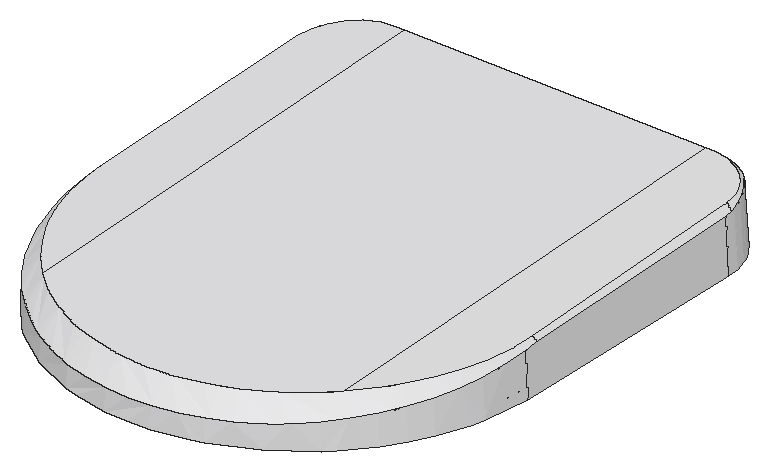
Revit family "Toilet_Seat-Round_Closed_Front-KOHLER-Span-K-29170IN", category Specialty Equipment, host Face, Revit 2021
Family settings
  Host = Face
  Round Connector Dimension = Use Diameter
  Part Type = Normal
  OmniClass Number = 23.31.19.19.17
  OmniClass Title = Water Closet Seats
  Cut with Voids When Loaded = No
  Shared = No
  Room Calculation Point = No
Parameters (values of type "0-White")
  Width = 14 21/32"  # constant formula
  WaterSense Certified = 1 = 0  # no
  URL = "https://www.kohler.co.in/"
  Type = 1
  Product Page URL = "https://www.kohler.co.in/product-detail/29170in?skuid=K-29170IN-0"
  Product Name = "Span"  # constant formula
  Product Documentation Link = ""
  Model = if(Type = 1, "K-29170IN-0", "NA")  # "K-29170IN-0"
  Material = "Plastic"  # constant formula
  Master Format 2014 Name = "Toilet, Bath, and Laundry Accessories"  # constant formula
  Master Format 2014 = "10 28 00"  # constant formula
  Manufacturer Address = "Ambience Office Tower NH-8 Gurgaon / Gurugram Haryana , 122001"  # constant formula
  Manufacturer = "Kohler Co."  # constant formula
  Length = 17 235/256"  # constant formula
  Height = 2 23/128"  # constant formula
  Finish = Kohler-Plastic-0-White
  Environmental Product Declaration = ""
  Description = "Round Quiet Close Toilet Seat"  # constant formula
  Default Elevation = 15"
  Declare Label = ""
  Date Modified = "12/14/2022"  # constant formula
  Date Created = "12/14/2022"  # constant formula
  Copyright = "Copyright Kohler Co."  # constant formula
  Contact Us = "https://www.kohler.co.in/contact-us"
  Assembly Code = "C1030200"
  ADA Compliant = 1 = 0  # no
Reference planes (in)
  plane 1 "Center (Front/Back)": y = 0
  plane 2: z = 0
  plane 3 "Center (Left/Right)": x = 0
  plane 4: y = 0.6633
  plane 5: z = 2.17969
  plane 6: y = -17.25467
  plane 7: z = 0.8622
  plane 8: x = -7.32874
  plane 9: x = 7.32751
  plane 10: z = 0.22671
  plane 11: z = 0.3143
  plane 12: z = 1.47558
  plane 13: x = 7.03346
  plane 14: x = -7.03346
  plane 15: y = -14.34579
  plane 16: y = -16.27728
Dimensions and locks (in)
  "Width": plane 8 to plane 9
  "Length": plane 6 to plane 4
  "Height": level to plane 5
  plane 4 to plane 6 = 17 235/256"
  level to plane 12 = 1.47558"  (x2)
  level to plane 5 = 2 23/128"
  plane 9 to plane 8 = 14 21/32"
  plane 8 to plane 9 = 14 21/32"
  plane 5 to level = 2 23/128"
  plane 12 to level = 1.47558"
  plane 16 to plane 4 = 16.94058"
  locked: plane 14 to plane 13 at 14.06693
  aligned and locked: plane 2 to host face
  aligned and locked: level to host face
Automatic sketch dimensions
  host sketch curve to host sketch curve = 96"  (x2)
Nested families (in)
  nested 1: "29170IN" at (0, 0, 0), type "29170IN"
Definition of nested family "29170IN"
  Parameters (values of type "29170IN")
    Material = none
    Default Elevation = 0"
  Reference planes (in)
    plane 1 "Center (Front/Back)": y = 0
    plane 2: z = 0
    plane 3 "Center (Left/Right)": x = 0
    plane 4: x = 7.32874
    plane 5: x = -7.32874
    plane 6: y = -17.25402
    plane 7: y = 0.6633
    plane 8: x = 4.4252
    plane 9: x = -4.4252
    plane 10: y = -14.34579
    plane 11: y = -3.3143
    plane 12: x = 7.03346
    plane 13: x = -7.03346
    plane 14: x = -2.85433
    plane 15: x = 2.85433
    plane 16: x = 2.29331
    plane 17: x = -2.29331
    plane 18: z = 2.1811
    plane 19: z = 0.8622
    plane 20 "A": through (0, 0.46645, 2.1811) normal (0, -0.042, 0.9991)
  Forms (in)
    Sweep 1, solid, material <- "Material", detail levels medium+fine
      path origin (0, -8.22861, 0.04316) x (1, 0, 0) y (0, 1, 0)
        loop
          arc (-7.03362, -1.62856) -> (-0.00007, -8.66211) -> (7.03348, -1.62856) r 7.03355
          line (7.03348, -1.62856) -> (7.03348, 5.20897)
          arc (7.03348, 5.20897) -> (6.34161, 6.8793) -> (4.67128, 7.57118) r 2.3622
          line (4.67128, 7.57118) -> (-4.67142, 7.57118)
          arc (-4.67142, 7.57118) -> (-6.34175, 6.8793) -> (-7.03362, 5.20897) r 2.3622
          line (-7.03362, 5.20897) -> (-7.03362, -1.62856)
      profile origin (-0.00007, -16.89072, 0.04316) x (0, -1, 0) y (0, 0, 1)
        loop
          line (-0.13694, 0.15748) -> (-0.08047, 0.15748)
          arc (-0.08047, 0.15748) -> (-0.03175, 0.17615) -> (-0.00798, 0.22258) r 0.0729
          arc (-0.00798, 0.22258) -> (-0.14316, 0.64128) -> (-0.54499, 0.82049) r 0.54011
          line (-0.54499, 0.82049) -> (-1.40822, 0.82049) -> (-1.40822, 0.61683) -> (-1.37604, 0.61683)
          arc (-1.37604, 0.61683) -> (-1.01536, 0.62391) -> (-0.65524, 0.64513) r 9.19348
          arc (-0.65524, 0.64513) -> (-0.35053, 0.53909) -> (-0.22219, 0.24309) r 0.40157
          arc (-0.22219, 0.24309) -> (-0.19735, 0.18258) -> (-0.13694, 0.15748) r 0.08525
    Sweep 2, solid, material <- "Material", detail levels medium+fine
      path origin (0, -8.22861, 0.04316) x (1, 0, 0) y (0, 1, 0)
        loop
          arc (-4.5625, -1.62396) -> (0, -6.18646) -> (4.5625, -1.62396) r 4.5625
          line (4.5625, -1.62396) -> (4.5625, 0.56051)
          arc (4.5625, 0.56051) -> (0, 5.12301) -> (-4.5625, 0.56051) r 4.5625
          line (-4.5625, 0.56051) -> (-4.5625, -1.62396)
      profile origin (0, -14.41507, 0.04316) x (0, -1, 0) y (0, 0, 1)
        loop
          line (0.99016, 0.61683) -> (0.99016, 0.82049) -> (0.90909, 0.82049)
          arc (0.90909, 0.82049) -> (0.62165, 0.79993) -> (0.34006, 0.73866) r 2.01945
          arc (0.34006, 0.73866) -> (0.10969, 0.61734) -> (-0.0556, 0.41617) r 0.65814
          line (-0.0556, 0.41617) -> (-0.13214, 0.27221)
          arc (-0.13214, 0.27221) -> (-0.13013, 0.19534) -> (-0.0632, 0.15748) r 0.07808
          line (-0.0632, 0.15748) -> (0.00523, 0.15748)
          arc (0.00523, 0.15748) -> (0.03927, 0.16692) -> (0.06359, 0.19255) r 0.0661
          line (0.06359, 0.19255) -> (0.12196, 0.30232)
          arc (0.12196, 0.30232) -> (0.23701, 0.44179) -> (0.39746, 0.52512) r 0.4527
          arc (0.39746, 0.52512) -> (0.57204, 0.56952) -> (0.74889, 0.60379) r 3.12222
          arc (0.74889, 0.60379) -> (0.82873, 0.61357) -> (0.90909, 0.61683) r 0.99007
          line (0.90909, 0.61683) -> (0.99016, 0.61683)
    Extrusion 3, solid, material <- "Material", detail levels medium+fine
      sketch origin (0, -8.22861, 0.04316) x (1, 0, 0) y (0, 1, 0)
        loop
          arc (5.62526, 5.20897) -> (5.34584, 5.88354) -> (4.67128, 6.16295) r 0.95398
          line (4.67128, 6.16295) -> (-4.67142, 6.16295)
          arc (-4.67142, 6.16295) -> (-5.34599, 5.88354) -> (-5.6254, 5.20897) r 0.95398
          line (-5.6254, 5.20897) -> (-5.6254, -1.62856)
          arc (-5.6254, -1.62856) -> (-0.00007, -7.25389) -> (5.62526, -1.62856) r 5.62533
          line (5.62526, -1.62856) -> (5.62526, 5.20897)
        loop
          arc (5.55267, 0.56051) -> (0, 6.11317) -> (-5.55267, 0.5605) r 5.55267
          line (-5.55267, 0.5605) -> (-5.55267, -1.62396)
          arc (-5.55267, -1.62396) -> (0, -7.17662) -> (5.55267, -1.62396) r 5.55267
          line (5.55267, -1.62396) -> (5.55267, 0.56051)
      from 0.61683 to 0.82049
    Blend 4, solid, material <- "Material", detail levels medium+fine
      base sketch origin (0, -8.32703, 0.04316) x (1, 0, 0) y (0, 1, 0)
        loop
          line (7.32934, -1.6295) -> (7.32934, 6.6667)
          arc (7.32934, 6.6667) -> (6.64766, 8.31242) -> (5.00194, 8.9941) r 2.3274
          line (5.00194, 8.9941) -> (-4.99932, 8.9941)
          arc (-4.99932, 8.9941) -> (-6.64689, 8.31165) -> (-7.32934, 6.66407) r 2.33003
          line (-7.32934, 6.66407) -> (-7.32934, -1.6295)
          arc (-7.32934, -1.6295) -> (0, -8.95885) -> (7.32934, -1.6295) r 7.32934
      top sketch origin (0, -8.32703, 0.04316) x (1, 0, 0) y (0, 1, 0)
        loop
          line (4.97808, 8.85501) -> (-4.97662, 8.85501)
          arc (-4.97662, 8.85501) -> (-6.55433, 8.20149) -> (-7.20784, 6.62378) r 2.23122
          line (-7.20784, 6.62378) -> (-7.20784, -1.62447)
          arc (-7.20784, -1.62447) -> (0.00016, -8.83247) -> (7.20815, -1.62447) r 7.208
          line (7.20815, -1.62447) -> (7.20815, 6.62494)
          arc (7.20815, 6.62494) -> (6.55498, 8.20183) -> (4.97808, 8.85501) r 2.23007
      from 0.11811 to 2.62736
    Sweep 5, void
      path origin (0, -8.32703, -0.07372) x (0, 1, 0) y (0, 0, 1)
        loop
          line (9.69358, 2.25788) -> (-9.18607, 1.43358)
      profile origin (0, 1.36654, 2.18416) x (0, 0.043619, -0.999048) y (1, 0, 0)
        loop
          arc (-0.10144, 4.97697) -> (-0.07475, 6.3843) -> (0.00529, 7.78961) r 37.11227
          line (0.00529, 7.78961) -> (-1.36664, 7.78961) -> (-1.36664, -7.87962) -> (0.01225, -7.87962)
          arc (0.01225, -7.87962) -> (-0.07301, -6.42941) -> (-0.10144, -4.97697) r 37.11227
          line (-0.10144, -4.97697) -> (-0.10144, 4.97697)
    Extrusion 6, solid, material <- "Material", detail levels medium+fine
      sketch origin (0, -8.22861, 0.04316) x (1, 0, 0) y (0, 1, 0)
        loop
          line (-5.35439, 3.64845) -> (-6.06435, 3.64845)
          arc (-6.06435, 3.64845) -> (-6.52959, 3.18321) -> (-6.06435, 2.71797) r 0.46524
          line (-6.06435, 2.71797) -> (-5.35439, 2.71797)
          arc (-5.35439, 2.71797) -> (-4.88915, 3.18321) -> (-5.35439, 3.64845) r 0.46524
        loop
          arc (5.35439, 3.64845) -> (4.88915, 3.18321) -> (5.35439, 2.71797) r 0.46524
          line (5.35439, 2.71797) -> (6.06435, 2.71797)
          arc (6.06435, 2.71797) -> (6.52959, 3.18321) -> (6.06435, 3.64845) r 0.46524
          line (6.06435, 3.64845) -> (5.35439, 3.64845)
      from 0.07911 to 0.61034
    Extrusion 7, solid, material <- "Material", detail levels medium+fine
      sketch origin (0, -8.22861, 0.04316) x (1, 0, 0) y (0, 1, 0)
        loop
          line (-4.53405, -4.58661) -> (-5.0779, -5.04296)
          arc (-5.0779, -5.04296) -> (-5.13525, -5.69841) -> (-4.4798, -5.75576) r 0.46524
          line (-4.4798, -5.75576) -> (-3.93594, -5.29941)
          arc (-3.93594, -5.29941) -> (-3.8786, -4.64396) -> (-4.53405, -4.58661) r 0.46524
        loop
          arc (4.53405, -4.58661) -> (3.8786, -4.64396) -> (3.93594, -5.29941) r 0.46524
          line (3.93594, -5.29941) -> (4.4798, -5.75576)
          arc (4.4798, -5.75576) -> (5.13525, -5.69841) -> (5.0779, -5.04296) r 0.46524
          line (5.0779, -5.04296) -> (4.53405, -4.58661)
      from 0 to 0.53124
    Extrusion 8, void
      sketch origin (0, -8.32703, 0.04316) x (1, 0, 0) y (0, 0, 1)
        loop
          arc (5.00129, 0.69968) -> (0, 0.68584) -> (-5.00129, 0.69968) r 903.50277
          arc (-5.00129, 0.69968) -> (-5.97777, 0.57843) -> (-6.89094, 0.21192) r 3.82238
          arc (-6.89094, 0.21192) -> (-7.21376, 0.09883) -> (-7.5558, 0.10245) r 0.98915
          line (-7.5558, 0.10245) -> (-7.5558, -0.68496) -> (7.5558, -0.68496) -> (7.5558, 0.10245)
          arc (7.5558, 0.10245) -> (7.21376, 0.09883) -> (6.89094, 0.21192) r 0.98915
          arc (6.89094, 0.21192) -> (5.97777, 0.57843) -> (5.00129, 0.69968) r 3.82238
      from -9.26756 to -7.10639
    Extrusion 9, void
      sketch origin (0, -8.32703, 0.04316) x (1, 0, 0) y (0, 1, 0)
        loop
          line (-7.14917, 6.30706) -> (7.14917, 6.30706)
          arc (7.14917, 6.30706) -> (7.00195, 7.43459) -> (6.29376, 8.32423) r 2.12205
          arc (6.29376, 8.32423) -> (5.33663, 8.78921) -> (4.27809, 8.89778) r 3.05563
          line (4.27809, 8.89778) -> (4.27809, 9.51557) -> (-4.27809, 9.51557) -> (-4.27809, 8.89778)
          arc (-4.27809, 8.89778) -> (-5.33663, 8.78921) -> (-6.29376, 8.32423) r 3.05563
          arc (-6.29376, 8.32423) -> (-7.00195, 7.43459) -> (-7.14917, 6.30706) r 2.12205
      from -0.19283 to 1.72812
    Extrusion 10, solid, material <- "Material", detail levels medium+fine
      sketch origin (0, -8.22861, 0.04316) x (0, 1, 0) y (0, 0, 1)
        loop
          arc (8.95017, 1.20198) -> (8.91736, 1.38641) -> (8.83445, 1.5544) r 0.66561
          arc (8.83445, 1.5544) -> (8.73443, 1.66444) -> (8.6082, 1.74307) r 0.54043
          arc (8.6082, 1.74307) -> (8.52775, 1.7747) -> (8.4448, 1.79908) r 0.9741
          arc (8.4448, 1.79908) -> (8.21558, 1.82085) -> (7.98987, 1.77536) r 0.78711
          arc (7.98987, 1.77536) -> (7.92141, 1.74883) -> (7.8543, 1.71904) r 1.52725
          arc (7.8543, 1.71904) -> (7.74636, 1.65901) -> (7.6472, 1.58538) r 0.9416
          arc (7.6472, 1.58538) -> (7.45815, 1.44269) -> (7.25391, 1.32275) r 2.05014
          line (7.25391, 1.32275) -> (7.33089, 0.2219)
          arc (7.33089, 0.2219) -> (7.35274, 0.17608) -> (7.39997, 0.15748) r 0.06925
          line (7.39997, 0.15748) -> (7.90169, 0.15748)
          arc (7.90169, 0.15748) -> (8.27216, 0.19867) -> (8.62453, 0.32023) r 1.68654
          arc (8.62453, 0.32023) -> (8.87597, 0.5469) -> (8.96161, 0.87441) r 0.59055
          line (8.96161, 0.87441) -> (8.95017, 1.20198)
      from 3.75321 to 4.22774
    Extrusion 11, solid, material <- "Material", detail levels medium+fine
      sketch origin (0, -8.22861, 0.04316) x (0, 1, 0) y (0, 0, 1)
        loop
          arc (8.56978, 1.63135) -> (8.62242, 1.6876) -> (8.58309, 1.75383) r 0.06415
          arc (8.58309, 1.75383) -> (8.51479, 1.77904) -> (8.4448, 1.79908) r 0.9741
          arc (8.4448, 1.79908) -> (8.21558, 1.82085) -> (7.98987, 1.77536) r 0.78711
          arc (7.98987, 1.77536) -> (7.81089, 1.69415) -> (7.6472, 1.58538) r 1.22557
          arc (7.6472, 1.58538) -> (7.51305, 1.48497) -> (7.37419, 1.39117) r 3.4591
          arc (7.37419, 1.39117) -> (7.25729, 1.32052) -> (7.13685, 1.25608) r 2.608
          arc (7.13685, 1.25608) -> (6.89663, 1.13425) -> (6.65746, 1.01039) r 31.75616
          line (6.65746, 1.01039) -> (6.65746, 0.75517)
          arc (6.65746, 0.75517) -> (6.95278, 0.86172) -> (7.23291, 1.0035) r 2.56879
          arc (7.23291, 1.0035) -> (7.53804, 1.19684) -> (7.82888, 1.4111) r 5.14973
          arc (7.82888, 1.4111) -> (7.98384, 1.50528) -> (8.15717, 1.5586) r 0.73387
          line (8.15717, 1.5586) -> (8.56978, 1.63135)
      from -4.22774 to 4.22774
    Extrusion 12, void
      sketch origin (0, -8.32703, 0.04316) x (0, 1, 0) y (0, 0, 1)
        loop
          line (9.80706, 1.84952) -> (8.15717, 1.5586)
          arc (8.15717, 1.5586) -> (7.98384, 1.50528) -> (7.82888, 1.4111) r 0.73387
          arc (7.82888, 1.4111) -> (7.53804, 1.19684) -> (7.23291, 1.0035) r 5.14973
          arc (7.23291, 1.0035) -> (6.61853, 0.58497) -> (6.0669, 0.08664) r 5.44413
          line (6.0669, 0.08664) -> (6.0669, -0.42593) -> (9.80706, -0.42593) -> (9.80706, 1.84952)
      from -4.22774 to 4.22774
    Extrusion 13, solid, material <- "Material", detail levels medium+fine
      sketch origin (0, -8.22861, 0.04316) x (0, 1, 0) y (0, 0, -1)
        loop
          line (8.95017, -1.20198) -> (8.96161, -0.87441)
          arc (8.96161, -0.87441) -> (8.87597, -0.5469) -> (8.62453, -0.32023) r 0.59055
          arc (8.62453, -0.32023) -> (8.27216, -0.19867) -> (7.90169, -0.15748) r 1.68654
          line (7.90169, -0.15748) -> (7.40169, -0.15748)
          arc (7.40169, -0.15748) -> (7.35321, -0.17658) -> (7.33077, -0.22362) r 0.07109
          line (7.33077, -0.22362) -> (7.25391, -1.32275)
          arc (7.25391, -1.32275) -> (7.45815, -1.44269) -> (7.6472, -1.58538) r 2.05014
          arc (7.6472, -1.58538) -> (7.74636, -1.65901) -> (7.8543, -1.71904) r 0.9416
          arc (7.8543, -1.71904) -> (7.92141, -1.74883) -> (7.98987, -1.77536) r 1.52725
          arc (7.98987, -1.77536) -> (8.21558, -1.82085) -> (8.4448, -1.79908) r 0.78711
          arc (8.4448, -1.79908) -> (8.52775, -1.7747) -> (8.6082, -1.74307) r 0.9741
          arc (8.6082, -1.74307) -> (8.73443, -1.66444) -> (8.83445, -1.5544) r 0.54043
          arc (8.83445, -1.5544) -> (8.91736, -1.38641) -> (8.95017, -1.20198) r 0.66561
      from 3.75321 to 4.22774
    Extrusion 14, solid, material <- "Material", detail levels medium+fine
      sketch origin (0, -8.22861, 0.04316) x (0, 1, 0) y (0, 0, 1)
        loop
          arc (8.8594, 0.18092) -> (8.78554, 0.2377) -> (8.75756, 0.32655) r 0.15506
          line (8.75756, 0.32655) -> (8.75754, 1.02159)
          arc (8.75754, 1.02159) -> (8.258, 1.52111) -> (7.75847, 1.02158) r 0.49953
          line (7.75847, 1.02158) -> (7.75847, 0.32704)
          arc (7.75847, 0.32704) -> (7.73241, 0.24079) -> (7.66294, 0.18339) r 0.15578
          arc (7.66294, 0.18339) -> (7.58768, 0.1212) -> (7.55944, 0.02773) r 0.1688
          line (7.55944, 0.02773) -> (7.55944, -0.04316) -> (8.2642, -0.04316) -> (8.2642, 0.1991) -> (8.17365, 0.1991) -> (8.17365, 0.23397) -> (8.53923, 0.23397) -> (8.53923, 0.1991) -> (8.44868, 0.1991) -> (8.44868, -0.04316) -> (8.95658, -0.04316) -> (8.95658, 0.04195)
          arc (8.95658, 0.04195) -> (8.92987, 0.12673) -> (8.8594, 0.18092) r 0.14796
      from 2.29331 to 3.67126
    Extrusion 15, solid, material <- "Material", detail levels medium+fine
      sketch origin (0, -8.22861, 0.04316) x (0, 1, 0) y (0, 0, -1)
        loop
          arc (8.8594, -0.18092) -> (8.92987, -0.12673) -> (8.95658, -0.04195) r 0.14796
          line (8.95658, -0.04195) -> (8.95658, 0.04316) -> (8.44868, 0.04316) -> (8.44868, -0.1991) -> (8.48022, -0.1991) -> (8.48022, -0.23397) -> (8.17365, -0.23397) -> (8.17365, -0.1991) -> (8.2642, -0.1991) -> (8.2642, 0.04316) -> (7.55944, 0.04316) -> (7.55944, -0.02773)
          arc (7.55944, -0.02773) -> (7.58768, -0.1212) -> (7.66294, -0.18339) r 0.1688
          arc (7.66294, -0.18339) -> (7.73241, -0.24079) -> (7.75847, -0.32704) r 0.15578
          line (7.75847, -0.32704) -> (7.75847, -1.02158)
          arc (7.75847, -1.02158) -> (8.258, -1.52111) -> (8.75754, -1.02159) r 0.49953
          line (8.75754, -1.02159) -> (8.75756, -0.32655)
          arc (8.75756, -0.32655) -> (8.78554, -0.2377) -> (8.8594, -0.18092) r 0.15506
      from 2.29331 to 3.67126
    Extrusion 16, void
      sketch origin (0, 4.09948, -15.74867) x (1, 0, 0) y (0, 1, 0)
        loop
          arc (-7.09612, -14.05508) -> (-0.0157, -21.1355) -> (7.06473, -14.05508) r 7.08043
          line (7.06473, -14.05508) -> (7.06473, -7.06129)
          arc (7.06473, -7.06129) -> (6.37286, -5.39096) -> (4.70253, -4.69909) r 2.3622
          line (4.70253, -4.69909) -> (-4.73392, -4.69909)
          arc (-4.73392, -4.69909) -> (-6.40425, -5.39096) -> (-7.09612, -7.06129) r 2.3622
          line (-7.09612, -7.06129) -> (-7.09612, -14.05508)
      from 15.18317 to 16.61232
    Sweep 17, void
      path origin (0, 4.09948, -15.74867) x (1, 0, 0) y (0, 1, 0)
        loop
          arc (-5.23978, -2.48883) -> (-7.36382, -3.39043) -> (-8.19074, -5.54464) r 2.95276
          line (-8.19074, -5.54464) -> (-7.90979, -13.59011)
          arc (-7.90979, -13.59011) -> (0, -21.2285) -> (7.90979, -13.59011) r 7.91461
          line (7.90979, -13.59011) -> (8.19074, -5.54464)
          arc (8.19074, -5.54464) -> (7.36382, -3.39043) -> (5.23978, -2.48883) r 2.95276
          line (5.23978, -2.48883) -> (-5.23978, -2.48883)
      profile origin (0, 1.61065, -15.74867) x (0, 1, 0) y (0, 0, 1)
        loop
          line (0.68898, 16.0187) -> (0.68898, 18.14956) -> (-1.44188, 18.14956) -> (0.68898, 16.0187)
    Extrusion 18, solid, material <- "Material", detail levels coarse
      sketch origin (0, 0, 0) x (1, 0, 0) y (0, 1, 0)
        loop
          line (7.32934, -9.95654) -> (7.32934, -1.72717)
          arc (7.32934, -1.72717) -> (6.63747, -0.05684) -> (4.96714, 0.63503) r 2.3622
          line (4.96714, 0.63503) -> (-4.96714, 0.63503)
          arc (-4.96714, 0.63503) -> (-6.63747, -0.05684) -> (-7.32934, -1.72717) r 2.3622
          line (-7.32934, -1.72717) -> (-7.32934, -9.95654)
          arc (-7.32934, -9.95654) -> (0, -17.28588) -> (7.32934, -9.95654) r 7.32934
      from 0 to 2.35027
    Extrusion 19, solid, material <- "Material", detail levels medium+fine
      sketch origin (0, 0, 0) x (0, 1, 0) y (0, 0, 1)
        loop
          line (0.03559, 0) -> (0.22007, 0) -> (0.22007, 0.24225) -> (0.25161, 0.24225) -> (0.25161, 0.27713) -> (-0.05496, 0.27713) -> (-0.05496, 0.24225) -> (0.03559, 0.24225) -> (0.03559, 0)
      from -3.67126 to -2.6333
    Extrusion 20, solid, material <- "Material", detail levels medium+fine
      sketch origin (0, 0, 0) x (0, 1, 0) y (0, 0, 1)
        loop
          line (0.22007, 0) -> (0.22007, 0.24225) -> (0.31062, 0.24225) -> (0.31062, 0.27713) -> (-0.05496, 0.27713) -> (-0.05496, 0.24225) -> (0.03559, 0.24225) -> (0.03559, 0) -> (0.22007, 0)
      from 2.73127 to 3.67126
  Cuts and joins
    Sweep 5, Extrusion 8, Extrusion 9, Extrusion 12, Extrusion 16, Sweep 17 cuts Blend 4
    joined: Sweep 1, Sweep 2, Extrusion 3
    joined: Extrusion 15, Extrusion 19
    joined: Extrusion 14, Extrusion 20
  Lines and regions (in)
    Masking region 1
      outline origin (0, 0, 0) x (1, 0, 0) y (0, 1, 0)
        loop
          arc (-7.32874, -10.16741) -> (-5.25312, -15.1784) -> (-0.24213, -17.25402) r 7.08661
          line (-0.24213, -17.25402) -> (0.24213, -17.25402)
          arc (0.24213, -17.25402) -> (5.25312, -15.1784) -> (7.32874, -10.16741) r 7.08661
          line (7.32874, -10.16741) -> (7.32874, -1.50205)
          arc (7.32874, -1.50205) -> (6.69452, 0.02908) -> (5.16339, 0.6633) r 2.16535
          line (5.16339, 0.6633) -> (2.35131, 0.6633)
          arc (2.35131, 0.6633) -> (2.3103, 0.65429) -> (2.29198, 0.61651) r 0.04812
          line (2.29198, 0.61651) -> (2.29198, 0.56351) -> (-2.29198, 0.56351) -> (-2.29198, 0.61651)
          arc (-2.29198, 0.61651) -> (-2.30232, 0.6463) -> (-2.32889, 0.6633) r 0.04812
          line (-2.32889, 0.6633) -> (-5.16339, 0.6633)
          arc (-5.16339, 0.6633) -> (-6.69452, 0.02908) -> (-7.32874, -1.50205) r 2.16535
          line (-7.32874, -1.50205) -> (-7.32874, -10.16741)
    Masking region 2
      outline origin (0, 0, 0) x (1, 0, 0) y (0, 0, 1)
        loop
          line (5.07283, 2.1811) -> (-4.96654, 2.1811)
          arc (-4.96654, 2.1811) -> (-6.0007, 2.16209) -> (-7.03346, 2.10508) r 28.13548
          arc (-7.03346, 2.10508) -> (-7.16346, 2.03966) -> (-7.20913, 1.90148) r 0.19015
          line (-7.20913, 1.90148) -> (-7.33202, 0.22671)
          arc (-7.33202, 0.22671) -> (-7.30516, 0.15024) -> (-7.23086, 0.11786) r 0.10143
          line (-7.23086, 0.11786) -> (-6.27019, 0.11786)
          arc (-6.27019, 0.11786) -> (-6.16422, 0.08815) -> (-6.05462, 0.07814) r 0.60481
          line (-6.05462, 0.07814) -> (-5.36017, 0.07814)
          arc (-5.36017, 0.07814) -> (-5.24182, 0.08814) -> (-5.12683, 0.11786) r 0.7052
          arc (-5.12683, 0.11786) -> (-4.96787, 0.03031) -> (-4.78894, 0) r 0.54329
          line (-4.78894, 0) -> (-4.19839, 0)
          arc (-4.19839, 0) -> (-4.03719, 0.03052) -> (-3.89831, 0.11786) r 0.44095
          line (-3.89831, 0.11786) -> (-3.67126, 0.11786) -> (-3.67126, 0) -> (-2.29331, 0) -> (-2.29331, 0.11786) -> (2.29331, 0.11786) -> (2.29331, 0) -> (3.67044, 0) -> (3.67044, 0.11786) -> (3.9111, 0.11786)
          arc (3.9111, 0.11786) -> (4.03095, 0.0308) -> (4.17585, 0) r 0.35628
          line (4.17585, 0) -> (4.87598, 0)
          arc (4.87598, 0) -> (5.01379, 0.03095) -> (5.12513, 0.11786) r 0.32227
          arc (5.12513, 0.11786) -> (5.23816, 0.08108) -> (5.35636, 0.06864) r 0.56775
          line (5.35636, 0.06864) -> (6.07141, 0.06864)
          arc (6.07141, 0.06864) -> (6.20294, 0.10225) -> (6.33822, 0.11356) r 0.81474
          line (6.33822, 0.11356) -> (7.25828, 0.11356)
          arc (7.25828, 0.11356) -> (7.31019, 0.13925) -> (7.32874, 0.19413) r 0.07569
          line (7.32874, 0.19413) -> (7.21185, 1.94132)
          arc (7.21185, 1.94132) -> (7.15438, 2.06057) -> (7.03346, 2.11446) r 0.19237
          arc (7.03346, 2.11446) -> (6.05372, 2.16444) -> (5.07283, 2.1811) r 28.87222
    Masking region 3
      outline origin (0, 0, 0) x (0, 1, 0) y (0, 0, 1)
        loop
          arc (-14.02021, 0.11179) -> (-13.90273, 0.0275) -> (-13.76125, -0.00228) r 0.35097
          line (-13.76125, -0.00228) -> (-13.28314, -0.00228)
          arc (-13.28314, -0.00228) -> (-13.09307, 0.02702) -> (-12.92066, 0.11219) r 0.63114
          line (-12.92066, 0.11219) -> (-5.277, 0.11219)
          arc (-5.277, 0.11219) -> (-5.12465, 0.07897) -> (-4.97242, 0.11276) r 0.36279
          line (-4.97242, 0.11276) -> (-1.11043, 0.11276)
          arc (-1.11043, 0.11276) -> (-0.89832, 0.12218) -> (-0.68787, 0.15036) r 2.39323
          arc (-0.68787, 0.15036) -> (-0.73932, 0.08394) -> (-0.73905, -0.00009) r 0.12921
          line (-0.73905, -0.00009) -> (0.66331, -0.00009)
          arc (0.66331, -0.00009) -> (0.63499, 0.09244) -> (0.55968, 0.15321) r 0.16509
          arc (0.55968, 0.15321) -> (0.47769, 0.21934) -> (0.44683, 0.32006) r 0.17977
          line (0.44683, 0.32006) -> (0.44683, 0.42791)
          arc (0.44683, 0.42791) -> (0.62371, 0.62023) -> (0.65658, 0.87944) r 0.42998
          line (0.65658, 0.87944) -> (0.56228, 2.02657)
          arc (0.56228, 2.02657) -> (0.52281, 2.13729) -> (0.41372, 2.18106) r 0.14303
          line (0.41372, 2.18106) -> (-16.22806, 1.45499)
          arc (-16.22806, 1.45499) -> (-16.99432, 1.01133) -> (-17.2514, 0.16404) r 1.20659
          arc (-17.2514, 0.16404) -> (-17.22236, 0.12615) -> (-17.17683, 0.11179) r 0.07935
          line (-17.17683, 0.11179) -> (-14.02021, 0.11179)
    symbolic lines, detail levels medium+fine
      curve 1: line (0, 0.5624, 2.03899) -> (0, -1.67364, 1.9218)
      curve 2: line (0, -1.20777, 0.18673) -> (0, -17.25296, 0.18673)
      curve 3: arc (0, 0.05285, 0.57085) -> (0, -0.54885, 0.28489) -> (0, -1.20777, 0.18673) r 2.26063
      curve 4: arc (0, 0.2005, 0.34839) -> (0, -0.03493, 0.25388) -> (0, -0.28711, 0.22623) r 0.93392
      curve 5: arc (0, 0.57381, 0.72753) -> (0, 0.4134, 0.51211) -> (0, 0.2005, 0.34839) r 0.97905
      curve 6: line (0, -0.28711, 0.22623) -> (0, -0.53246, 0.22623)
      curve 7: arc (0, -0.31455, 0.31328) -> (0, -0.64408, 0.19221) -> (0, -0.98926, 0.12813) r 2.08576
      curve 8: line (0, 0.5624, 2.03899) -> (0, -4.0668, 1.79638)
      curve 9: line (0, -4.0668, 1.79638) -> (0, -9.95791, 1.1772)
      curve 10: line (0, -9.95791, 1.1772) -> (0, -17.25402, 0.28135)
      curve 11: line (0, 0.61346, 0) -> (0, 0.61346, 0.03857)
      curve 12: arc (0, 0.61346, 0.03857) -> (0, 0.58955, 0.10891) -> (0, 0.52772, 0.15012) r 0.11544
      curve 13: arc (0, 0.52772, 0.15012) -> (0, 0.48786, 0.16994) -> (0, 0.45895, 0.20379) r 0.11135
      curve 14: arc (0, 0.45895, 0.20379) -> (0, 0.4231, 0.30035) -> (0, 0.41737, 0.40318) r 0.3447
      curve 15: line (0, 0.35435, 0.35031) -> (0, 0.35435, 0.19684)
      curve 16: line (0, 0.31971, 0.16219) -> (0, 0.01714, 0.16219)
      curve 17: arc (0, 0.35435, 0.19684) -> (0, 0.34421, 0.17234) -> (0, 0.31971, 0.16219) r 0.03465
      curve 18: arc (0, 0.01714, 0.16219) -> (0, -0.00263, 0.16826) -> (0, -0.01559, 0.18438) r 0.03524
      curve 19: line (0, 0.31775, 0.3196) -> (0, 0.31775, 0.19963)
      curve 20: line (0, 0.31775, 0.19963) -> (0, 0.08109, 0.19963)
      curve 21: line (0, 0.66252, 0.76889) -> (0, -0.31455, 0.31328)
      curve 22: line (0, 0.05285, 0.57085) -> (0, 0.66398, 0.82046)
      curve 23: circle (0, -0.04306, 1.02215) r 0.19685 normal (1, 0, 0)
      curve 24: line (-7.03346, 0, 2.10045) -> (-6.8612, 0, 1.92819)
      curve 25: line (-0.90177, 0, 1.47558) -> (1.26358, 0, 1.47558)
      curve 26: arc (1.26358, 0, 1.47558) -> (3.53186, 0, 1.51095) -> (5.79794, 0, 1.61705) r 72.73742
      curve 27: arc (5.79794, 0, 1.61705) -> (6.21266, 0, 1.65727) -> (6.62365, 0, 1.72584) r 6.07306
      curve 28: line (6.62365, 0, 1.72584) -> (7.07712, 0, 2.10635)
      curve 29: arc (7.26598, 0, 1.12399) -> (7.05115, 0, 1.5384) -> (6.62365, 0, 1.72584) r 0.70052
      curve 30: line (-7.03346, 0, 2.10045) -> (-6.668, 0, 1.73498)
      curve 31: line (-1.46124, 0, 0.3143) -> (1.46124, 0, 0.3143)
      curve 32: arc (1.46124, 0, 0.3143) -> (3.30643, 0, 0.377) -> (5.1431, 0, 0.5648) r 27.18404
      curve 33: arc (5.1431, 0, 0.5648) -> (6.22158, 0, 0.77972) -> (7.26598, 0, 1.12399) r 9.04145
      curve 34: arc (-1.46124, 0, 0.3143) -> (-3.30643, 0, 0.377) -> (-5.1431, 0, 0.5648) r 27.18404
      curve 35: arc (-5.1431, 0, 0.5648) -> (-6.22158, 0, 0.77972) -> (-7.26598, 0, 1.12399) r 9.04145
      curve 36: arc (-0.87814, 0, 1.4766) -> (-3.33923, 0, 1.5052) -> (-5.79794, 0, 1.61705) r 72.73742
      curve 37: arc (-5.79794, 0, 1.61705) -> (-6.2351, 0, 1.66027) -> (-6.668, 0, 1.73498) r 6.07306
      curve 38: line (-7.33202, 0, 0.22671) -> (7.32656, 0, 0.22671)
      curve 39: line (-6.27019, 0, 0.11786) -> (-3.89831, 0, 0.11786)
      curve 40: line (-4.97334, 0.38646, 0) -> (5.06603, 0.38646, 0)
      curve 41: arc (5.06603, 0.38646, 0) -> (6.43918, -0.17172, 0) -> (7.03346, -1.52964, 0) r 1.96812
      curve 42: line (7.03346, -1.52964, 0) -> (6.55956, -10.57235, 0)
      curve 43: arc (6.55956, -10.57235, 0) -> (6.2094, -12.1405, 0) -> (5.36363, -13.50665, 0) r 4.82375
      curve 44: arc (5.36363, -13.50665, 0) -> (3.78339, -14.91459, 0) -> (1.91115, -15.9016, 0) r 8.7439
      curve 45: arc (1.91115, -15.9016, 0) -> (-1.15966, -16.18437, 0) -> (-3.9335, -14.8369, 0) r 5.739
      curve 46: arc (-3.9335, -14.8369, 0) -> (-5.72127, -12.61662, 0) -> (-6.67337, -9.92976, 0) r 8.49003
      curve 47: line (-6.67337, -9.92976, 0) -> (-7.03346, -1.6657, 0)
      curve 48: arc (-7.03346, -1.6657, 0) -> (-6.45602, -0.18525, 0) -> (-4.97334, 0.38646, 0) r 1.96867
      curve 49: line (-7.26216, -9.92726, 0) -> (-7.26216, -1.65954, 0)
      curve 50: arc (-7.26216, -1.65954, 0) -> (-6.72952, -0.2293, 0) -> (-5.3911, 0.50414, 0) r 2.18656
      curve 51: arc (-5.3911, 0.50414, 0) -> (-4.82409, 0.56016, 0) -> (-4.25433, 0.56351, 0) r 6.15429
      curve 52: arc (-6.29406, -13.85444, 0) -> (-7.01656, -11.94963, 0) -> (-7.26216, -9.92726, 0) r 8.44955
      curve 53: line (7.26216, -9.92726, 0) -> (7.26216, -1.65954, 0)
      curve 54: arc (6.29406, -13.85444, 0) -> (7.01656, -11.94963, 0) -> (7.26216, -9.92726, 0) r 8.44955
      curve 55: arc (7.26216, -1.65954, 0) -> (6.72952, -0.2293, 0) -> (5.3911, 0.50414, 0) r 2.18656
      curve 56: arc (5.3911, 0.50414, 0) -> (4.82409, 0.56016, 0) -> (4.25433, 0.56351, 0) r 6.15429
      curve 57: arc (-4.25433, 0.56351, 0) -> (-4.28356, 0.63407, 0) -> (-4.35412, 0.6633, 0) r 0.09979
      curve 58: arc (-4.1479, 0.6633, 0) -> (-4.21235, 0.63278, 0) -> (-4.2293, 0.56351, 0) r 0.08296
      curve 59: line (-4.25433, 0.56351, 0) -> (-2.29198, 0.56351, 0)
      curve 60: arc (-3.75565, 0.56351, 0) -> (-3.77556, 0.63183, 0) -> (-3.83939, 0.6633, 0) r 0.08832
      curve 61: line (-3.66998, 0.56351, 0) -> (-3.66998, 0.61759, 0)
      curve 62: arc (-3.66998, 0.61759, 0) -> (-3.65767, 0.64885, 0) -> (-3.62734, 0.6633, 0) r 0.04582
      curve 63: line (-2.29198, 0.56351, 0) -> (-2.29198, 0.61651, 0)
      curve 64: arc (-2.29198, 0.61651, 0) -> (-2.3103, 0.65429, 0) -> (-2.35131, 0.6633, 0) r 0.04812
      curve 65: arc (5.3911, 0.50414, 0) -> (4.82409, 0.56016, 0) -> (4.25433, 0.56351, 0) r 6.15429
      curve 66: arc (4.25433, 0.56351, 0) -> (4.28356, 0.63407, 0) -> (4.35412, 0.6633, 0) r 0.09979
      curve 67: arc (4.1479, 0.6633, 0) -> (4.21235, 0.63278, 0) -> (4.2293, 0.56351, 0) r 0.08296
      curve 68: line (4.25433, 0.56351, 0) -> (2.29198, 0.56351, 0)
      curve 69: arc (3.75565, 0.56351, 0) -> (3.77556, 0.63183, 0) -> (3.83939, 0.6633, 0) r 0.08832
      curve 70: line (3.66998, 0.56351, 0) -> (3.66998, 0.61759, 0)
      curve 71: arc (3.66998, 0.61759, 0) -> (3.65767, 0.64885, 0) -> (3.62734, 0.6633, 0) r 0.04582
      curve 72: line (2.29198, 0.56351, 0) -> (2.29198, 0.61651, 0)
      curve 73: arc (2.29198, 0.61651, 0) -> (2.3103, 0.65429, 0) -> (2.35131, 0.6633, 0) r 0.04812
      curve 74: line (-2.29198, 0.56351, 0) -> (2.29198, 0.56351, 0)
      curve 75: line (3.67044, 0, 0.11786) -> (2.09564, 0, 0.11786)
      curve 76: line (-2.29331, 0, 0.11786) -> (-3.67126, 0, 0.11786)
      curve 77: line (0, -0.07482, 0.18308) -> (0, -0.68783, 0.15132)
      curve 78: arc (-6.668, 0, 1.73498) -> (-7.05315, 0, 1.51382) -> (-7.26598, 0, 1.12399) r 0.81808
      curve 79: line (0, -4.97273, 0.11372) -> (0, -5.28525, 0.11372)
      curve 80: line (0, -12.92198, 0.11383) -> (0, -14.01831, 0.11383)
      curve 81: line (0, -9.92629, 0.18673) -> (0, -9.92629, 1.17098)
      curve 82: arc (0, -9.92629, 1.17098) -> (0, -9.97152, 1.44753) -> (0, -9.97827, 1.72766) r 2.03217
      curve 83: line (6.33822, 0, 0.11356) -> (5.13502, 0, 0.11356)
      curve 84: line (5.12513, 0, 0.11786) -> (3.9111, 0, 0.11786)
      curve 85: line (0, 0.44683, 0.42791) -> (0, 0.31775, 0.3196)
      curve 86: arc (0, 0.31775, 0.3196) -> (0, 0.13401, 0.21527) -> (0, -0.07482, 0.18308) r 0.58454
      curve 87: arc (0, -0.98926, 0.12813) -> (0, -1.04995, 0.12126) -> (0, -1.11043, 0.11276) r 2.27023
  Dimensions and locks (in)
    locked: plane 3 "Center (Left/Right)" to plane 4 at 7.32874
    locked: plane 7 to plane 1 "Center (Front/Back)" at 0.6633
    locked: plane 7 to plane 6 at 17.91732
    locked: plane 5 to plane 4 at 14.65748
    locked: plane 3 "Center (Left/Right)" to plane 8 at 4.4252
    locked: plane 9 to plane 8 at 8.85039
    locked: plane 11 to plane 1 "Center (Front/Back)" at 3.3143
    locked: plane 11 to plane 10 at 11.0315
    locked: plane 3 "Center (Left/Right)" to plane 12 at 7.03346
    locked: plane 13 to plane 12 at 14.06693
    locked: plane 14 to plane 3 "Center (Left/Right)" at 2.85433
    locked: plane 14 to plane 15 at 5.70866
    locked: plane 3 "Center (Left/Right)" to plane 16 at 2.29331
    locked: plane 17 to plane 16 at 4.58661
    locked: plane 19 to level at 0.8622
    locked: plane 18 to level at 2.1811
    aligned and locked: plane 2 to level
